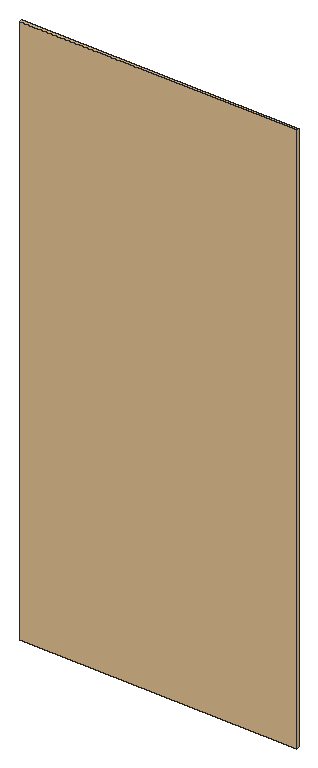
Revit family "Feature Blackbutt Veneer Chevron", category Generic Models, Revit 2017
Family settings
  Can host rebar = No
  Round Connector Dimension = Use Diameter
  Part Type = Normal
  Work Plane-Based = No
  Always vertical = Yes
  Cut with Voids When Loaded = No
  Shared = Yes
  Room Calculation Point = No
Parameters (values of type "2400 x 1200")
  Raw Finish Code = "EX24 FB-CHE"  # constant formula
  Material = none
  URL = "https://www.easycraft.com.au/products/253/expression-series"
  Panel_width = 1200 mm  # constant formula
  Panel_thickness = 10 mm  # constant formula
  Model = "Expression Series - Chevron"  # constant formula
  Manufacturer = "Easycraft Australia Pty Ltd ph 07 3906 7200"  # constant formula
  Panel_height = 2400 mm  # constant formula
  Description = "Feature Blackbutt Veneer"  # constant formula
  Clear Finish Code = "EX24 FB-CHE-CF"  # constant formula
  Assembly Code = ""
Reference planes
  plane 1 "Center (Front/Back)": y = 0
  plane 2: z = 0
  plane 3 "Center (Left/Right)": x = 0
  plane 4 "Panel face": y = -10
  plane 5: z = 2400
Forms (mm)
  Extrusion 1, solid, material "Feature Blackbutt Veneer"
    sketch origin (0, 0, 0) x (1, 0, 0) y (0, 1, 0)
      loop
        line (0, 0) -> (0, -10) -> (1200, -10) -> (1200, 0) -> (0, 0)
    from 0 to 2400
Lines and regions (mm)
  model lines, style "easycraft expressions pattern"
    curve 1: line (1050.456, -10, 0) -> (1050.456, -10, 2400)
    curve 2: line (748.908, -10, 0) -> (748.908, -10, 2400)
    curve 3: line (450.864, -10, 0) -> (450.864, -10, 2400)
    curve 4: line (149.317, -10, 0) -> (149.317, -10, 2400)
    curve 5: line (1200, -10, 58.221) -> (1141.551, -10, 0)
    curve 6: line (959.361, -10, 0) -> (899.799, -10, 59.562)
    curve 7: line (899.799, -10, 59.562) -> (840.003, -10, 0)
    curve 8: line (661.317, -10, 0) -> (601.755, -10, 59.562)
    curve 9: line (601.755, -10, 59.562) -> (538.689, -10, 0)
    curve 10: line (359.769, -10, 0) -> (300.207, -10, 59.562)
    curve 11: line (300.207, -10, 59.562) -> (240.645, -10, 0)
    curve 12: line (58.222, -10, 0) -> (0, -10, 58.222)
    curve 13: line (300.207, -10, 2400) -> (300.207, -10, 0)
    curve 14: line (601.755, -10, 2400) -> (601.755, -10, 0)
    curve 15: line (899.799, -10, 2400) -> (899.799, -10, 0)
    curve 16: line (0, -10, 198.368) -> (149.317, -10, 49.051)
    curve 17: line (149.317, -10, 49.051) -> (300.207, -10, 199.708)
    curve 18: line (300.207, -10, 199.708) -> (450.864, -10, 49.051)
    curve 19: line (450.864, -10, 49.051) -> (601.755, -10, 199.708)
    curve 20: line (601.755, -10, 199.708) -> (748.908, -10, 49.051)
    curve 21: line (748.908, -10, 49.051) -> (899.799, -10, 199.708)
    curve 22: line (899.799, -10, 199.708) -> (1050.456, -10, 49.051)
    curve 23: line (1050.456, -10, 49.051) -> (1200, -10, 198.364)
    curve 24: line (1200, -10, 338.741) -> (1050.456, -10, 189.197)
    curve 25: line (1050.456, -10, 189.197) -> (899.799, -10, 340.088)
    curve 26: line (899.799, -10, 340.088) -> (748.908, -10, 189.197)
    curve 27: line (748.908, -10, 189.197) -> (601.755, -10, 340.088)
    curve 28: line (601.755, -10, 340.088) -> (450.864, -10, 189.197)
    curve 29: line (450.864, -10, 189.197) -> (300.207, -10, 340.088)
    curve 30: line (300.207, -10, 340.088) -> (149.317, -10, 189.197)
    curve 31: line (149.317, -10, 189.197) -> (0, -10, 338.746)
    curve 32: line (0, -10, 478.894) -> (149.317, -10, 329.577)
    curve 33: line (149.317, -10, 329.577) -> (300.207, -10, 480.234)
    curve 34: line (300.207, -10, 480.234) -> (450.864, -10, 329.577)
    curve 35: line (450.864, -10, 329.577) -> (601.755, -10, 480.234)
    curve 36: line (601.755, -10, 480.234) -> (748.908, -10, 329.577)
    curve 37: line (748.908, -10, 329.577) -> (899.799, -10, 480.234)
    curve 38: line (899.799, -10, 480.234) -> (1050.456, -10, 329.577)
    curve 39: line (1050.456, -10, 329.577) -> (1200, -10, 478.89)
    curve 40: line (1200, -10, 619.036) -> (1050.456, -10, 469.723)
    curve 41: line (1050.456, -10, 469.723) -> (899.799, -10, 620.38)
    curve 42: line (899.799, -10, 620.38) -> (748.908, -10, 469.723)
    curve 43: line (748.908, -10, 469.723) -> (601.755, -10, 620.38)
    curve 44: line (601.755, -10, 620.38) -> (450.864, -10, 469.723)
    curve 45: line (450.864, -10, 469.723) -> (300.207, -10, 620.38)
    curve 46: line (300.207, -10, 620.38) -> (149.317, -10, 469.723)
    curve 47: line (149.317, -10, 469.723) -> (0, -10, 619.04)
    curve 48: line (0, -10, 759.417) -> (149.317, -10, 609.869)
    curve 49: line (149.317, -10, 609.869) -> (300.207, -10, 760.759)
    curve 50: line (300.207, -10, 760.759) -> (450.864, -10, 609.869)
    curve 51: line (450.864, -10, 609.869) -> (601.755, -10, 760.759)
    curve 52: line (601.755, -10, 760.759) -> (748.908, -10, 609.869)
    curve 53: line (748.908, -10, 609.869) -> (899.799, -10, 760.759)
    curve 54: line (899.799, -10, 760.759) -> (1050.456, -10, 609.869)
    curve 55: line (1050.456, -10, 609.869) -> (1200, -10, 759.413)
    curve 56: line (1200, -10, 899.561) -> (1050.456, -10, 750.248)
    curve 57: line (1050.456, -10, 750.248) -> (899.799, -10, 900.905)
    curve 58: line (899.799, -10, 900.905) -> (748.908, -10, 750.248)
    curve 59: line (748.908, -10, 750.248) -> (601.755, -10, 900.905)
    curve 60: line (601.755, -10, 900.905) -> (450.864, -10, 750.248)
    curve 61: line (450.864, -10, 750.248) -> (300.207, -10, 900.905)
    curve 62: line (300.207, -10, 900.905) -> (149.317, -10, 750.248)
    curve 63: line (149.317, -10, 750.248) -> (0, -10, 899.565)
    curve 64: line (0, -10, 1039.711) -> (149.317, -10, 890.394)
    curve 65: line (149.317, -10, 890.394) -> (300.207, -10, 1041.051)
    curve 66: line (300.207, -10, 1041.051) -> (450.864, -10, 890.394)
    curve 67: line (450.864, -10, 890.394) -> (601.755, -10, 1041.051)
    curve 68: line (601.755, -10, 1041.051) -> (748.908, -10, 890.394)
    curve 69: line (748.908, -10, 890.394) -> (899.799, -10, 1041.051)
    curve 70: line (899.799, -10, 1041.051) -> (1050.456, -10, 890.394)
    curve 71: line (1050.456, -10, 890.394) -> (1200, -10, 1039.707)
    curve 72: line (1200, -10, 1179.853) -> (1050.456, -10, 1030.54)
    curve 73: line (1050.456, -10, 1030.54) -> (899.799, -10, 1181.197)
    curve 74: line (899.799, -10, 1181.197) -> (748.908, -10, 1030.54)
    curve 75: line (748.908, -10, 1030.54) -> (601.755, -10, 1181.197)
    curve 76: line (601.755, -10, 1181.197) -> (450.864, -10, 1030.54)
    curve 77: line (450.864, -10, 1030.54) -> (300.207, -10, 1181.197)
    curve 78: line (300.207, -10, 1181.197) -> (149.317, -10, 1030.54)
    curve 79: line (149.317, -10, 1030.54) -> (0, -10, 1179.857)
    curve 80: line (0, -10, 1320.235) -> (149.317, -10, 1170.686)
    curve 81: line (149.317, -10, 1170.686) -> (300.207, -10, 1321.577)
    curve 82: line (300.207, -10, 1321.577) -> (450.864, -10, 1170.686)
    curve 83: line (450.864, -10, 1170.686) -> (601.755, -10, 1321.577)
    curve 84: line (601.755, -10, 1321.577) -> (748.908, -10, 1170.686)
    curve 85: line (748.908, -10, 1170.686) -> (899.799, -10, 1321.577)
    curve 86: line (899.799, -10, 1321.577) -> (1050.456, -10, 1170.686)
    curve 87: line (1050.456, -10, 1170.686) -> (1200, -10, 1320.231)
    curve 88: line (1200, -10, 1460.379) -> (1050.456, -10, 1311.066)
    curve 89: line (1050.456, -10, 1311.066) -> (899.799, -10, 1461.723)
    curve 90: line (899.799, -10, 1461.723) -> (748.908, -10, 1311.066)
    curve 91: line (748.908, -10, 1311.066) -> (601.755, -10, 1461.723)
    curve 92: line (601.755, -10, 1461.723) -> (450.864, -10, 1311.066)
    curve 93: line (450.864, -10, 1311.066) -> (300.207, -10, 1461.723)
    curve 94: line (300.207, -10, 1461.723) -> (149.317, -10, 1311.066)
    curve 95: line (149.317, -10, 1311.066) -> (0, -10, 1460.383)
    curve 96: line (0, -10, 1600.529) -> (149.317, -10, 1451.212)
    curve 97: line (149.317, -10, 1451.212) -> (300.207, -10, 1601.869)
    curve 98: line (300.207, -10, 1601.869) -> (450.864, -10, 1451.212)
    curve 99: line (450.864, -10, 1451.212) -> (601.755, -10, 1601.869)
    curve 100: line (601.755, -10, 1601.869) -> (748.908, -10, 1451.212)
    curve 101: line (748.908, -10, 1451.212) -> (899.799, -10, 1601.869)
    curve 102: line (899.799, -10, 1601.869) -> (1050.456, -10, 1451.212)
    curve 103: line (1050.456, -10, 1451.212) -> (1200, -10, 1600.525)
    curve 104: line (1200, -10, 1737.198) -> (1050.456, -10, 1591.358)
    curve 105: line (1050.456, -10, 1591.358) -> (899.799, -10, 1738.511)
    curve 106: line (899.799, -10, 1738.511) -> (748.908, -10, 1591.358)
    curve 107: line (748.908, -10, 1591.358) -> (601.755, -10, 1738.511)
    curve 108: line (601.755, -10, 1738.511) -> (450.864, -10, 1591.358)
    curve 109: line (450.864, -10, 1591.358) -> (300.207, -10, 1738.511)
    curve 110: line (300.207, -10, 1738.511) -> (149.317, -10, 1591.358)
    curve 111: line (149.317, -10, 1591.358) -> (0, -10, 1737.202)
    curve 112: line (0, -10, 1877.58) -> (149.317, -10, 1731.504)
    curve 113: line (149.317, -10, 1731.504) -> (300.207, -10, 1878.891)
    curve 114: line (300.207, -10, 1878.891) -> (450.864, -10, 1731.504)
    curve 115: line (450.864, -10, 1731.504) -> (601.755, -10, 1878.891)
    curve 116: line (601.755, -10, 1878.891) -> (748.908, -10, 1731.504)
    curve 117: line (748.908, -10, 1731.504) -> (899.799, -10, 1878.891)
    curve 118: line (899.799, -10, 1878.891) -> (1050.456, -10, 1731.504)
    curve 119: line (1050.456, -10, 1731.504) -> (1200, -10, 1877.576)
    curve 120: line (1200, -10, 2017.724) -> (1050.456, -10, 1871.883)
    curve 121: line (1050.456, -10, 1871.883) -> (899.799, -10, 2019.036)
    curve 122: line (899.799, -10, 2019.036) -> (748.908, -10, 1871.883)
    curve 123: line (748.908, -10, 1871.883) -> (601.755, -10, 2019.036)
    curve 124: line (601.755, -10, 2019.036) -> (450.864, -10, 1871.883)
    curve 125: line (450.864, -10, 1871.883) -> (300.207, -10, 2019.036)
    curve 126: line (300.207, -10, 2019.036) -> (149.317, -10, 1871.883)
    curve 127: line (149.317, -10, 1871.883) -> (0, -10, 2017.728)
    curve 128: line (0, -10, 2157.842) -> (149.317, -10, 2008.526)
    curve 129: line (149.317, -10, 2008.526) -> (300.207, -10, 2159.182)
    curve 130: line (300.207, -10, 2159.182) -> (450.864, -10, 2008.526)
    curve 131: line (450.864, -10, 2008.526) -> (601.755, -10, 2159.182)
    curve 132: line (601.755, -10, 2159.182) -> (748.908, -10, 2008.526)
    curve 133: line (748.908, -10, 2008.526) -> (899.799, -10, 2159.182)
    curve 134: line (899.799, -10, 2159.182) -> (1050.456, -10, 2008.526)
    curve 135: line (1050.456, -10, 2008.526) -> (1200, -10, 2157.838)
    curve 136: line (1200, -10, 2297.984) -> (1050.456, -10, 2148.672)
    curve 137: line (1050.456, -10, 2148.672) -> (899.799, -10, 2299.328)
    curve 138: line (899.799, -10, 2299.328) -> (748.908, -10, 2148.672)
    curve 139: line (748.908, -10, 2148.672) -> (601.755, -10, 2299.328)
    curve 140: line (601.755, -10, 2299.328) -> (450.864, -10, 2148.672)
    curve 141: line (450.864, -10, 2148.672) -> (300.207, -10, 2299.328)
    curve 142: line (300.207, -10, 2299.328) -> (149.317, -10, 2148.672)
    curve 143: line (149.317, -10, 2148.672) -> (0, -10, 2297.988)
    curve 144: line (38.307, -10, 2400) -> (149.317, -10, 2288.818)
    curve 145: line (149.317, -10, 2288.818) -> (260.499, -10, 2400)
    curve 146: line (339.854, -10, 2400) -> (450.864, -10, 2288.818)
    curve 147: line (450.864, -10, 2288.818) -> (562.047, -10, 2400)
    curve 148: line (640.479, -10, 2400) -> (748.908, -10, 2288.818)
    curve 149: line (748.908, -10, 2288.818) -> (860.091, -10, 2400)
    curve 150: line (939.445, -10, 2400) -> (1050.456, -10, 2288.818)
    curve 151: line (1050.456, -10, 2288.818) -> (1161.638, -10, 2400)
Dimensions and locks
  "Panel_height": plane 5 to plane 2
  "Panel_thickness": plane 4 "Panel face" to plane 1 "Center (Front/Back)"
  "Panel_width": Extrusion 1 to plane 3 "Center (Left/Right)"
  aligned and locked: level to plane 2
  aligned and locked: Extrusion 1 to level
  aligned and locked: plane 4 "Panel face" to Extrusion 1
  aligned and locked: Extrusion 1 to plane 5
Automatic sketch dimensions
  Extrusion 1 sketch curve to plane 3 "Center (Left/Right)" = 0 mm
  plane 4 "Panel face" to Extrusion 1 sketch curve = 0 mm
  plane 1 "Center (Front/Back)" to Extrusion 1 sketch curve = 0 mm
  Extrusion 1 sketch curve to Extrusion 1 sketch curve = 1200 mm
  curve 80 to plane 3 "Center (Left/Right)" = 0 mm
  curve 111 to plane 3 "Center (Left/Right)" = 0 mm
  curve 112 to plane 3 "Center (Left/Right)" = 0 mm
  curve 143 to plane 3 "Center (Left/Right)" = 0 mm
  curve 64 to plane 3 "Center (Left/Right)" = 0 mm
  curve 63 to plane 3 "Center (Left/Right)" = 0 mm
  curve 31 to plane 3 "Center (Left/Right)" = 0 mm
  curve 32 to plane 3 "Center (Left/Right)" = 0 mm
  curve 16 to plane 3 "Center (Left/Right)" = 0 mm
  curve 79 to plane 3 "Center (Left/Right)" = 0 mm
  curve 96 to plane 3 "Center (Left/Right)" = 0 mm
  curve 95 to plane 3 "Center (Left/Right)" = 0 mm
  curve 47 to plane 3 "Center (Left/Right)" = 0 mm
  curve 48 to plane 3 "Center (Left/Right)" = 0 mm
  curve 12 to plane 3 "Center (Left/Right)" = 0 mm
  curve 127 to plane 3 "Center (Left/Right)" = 0 mm
  curve 128 to plane 3 "Center (Left/Right)" = 0 mm
  curve 144 to plane 5 = 0 mm
  curve 12 to level = 0 mm
  curve 4 to plane 5 = 0 mm
  curve 4 to level = 0 mm
  curve 11 to level = 0 mm
  curve 145 to plane 5 = 0 mm
  curve 13 to level = 0 mm
  curve 13 to plane 5 = 0 mm
  curve 146 to plane 5 = 0 mm
  curve 10 to level = 0 mm
  curve 3 to plane 5 = 0 mm
  curve 3 to level = 0 mm
  curve 9 to level = 0 mm
  curve 147 to plane 5 = 0 mm
  curve 14 to plane 5 = 0 mm
  curve 14 to level = 0 mm
  curve 148 to plane 5 = 0 mm
  curve 8 to level = 0 mm
  curve 2 to plane 5 = 0 mm
  curve 2 to level = 0 mm
  curve 7 to level = 0 mm
  curve 149 to plane 5 = 0 mm
  curve 15 to plane 5 = 0 mm
  curve 15 to level = 0 mm
  curve 150 to plane 5 = 0 mm
  curve 6 to level = 0 mm
  curve 1 to level = 0 mm
  curve 1 to plane 5 = 0 mm
  curve 5 to level = 0 mm
  curve 151 to plane 5 = 0 mm
  plane 3 "Center (Left/Right)" to curve 127 = 149.317 mm
  plane 3 "Center (Left/Right)" to curve 29 = 300.207 mm
  plane 3 "Center (Left/Right)" to curve 83 = 450.864 mm
  curve 29 to curve 35 = 150.657 mm
  curve 82 to curve 77 = 0 mm
  plane 5 to curve 146 = 111.182 mm
  plane 3 "Center (Left/Right)" to curve 146 = 450.864 mm
  curve 76 to curve 67 = 0 mm
  curve 66 to curve 60 = 0 mm
  curve 76 to curve 67 = 150.891 mm
  plane 5 to curve 139 = 100.672 mm
  curve 146 to curve 139 = 150.891 mm
  curve 67 to curve 59 = 0 mm
  level to curve 20 = 199.708 mm
  curve 34 to curve 20 = 150.891 mm
  curve 139 to curve 124 = 0 mm
  curve 75 to curve 67 = 0 mm
  curve 27 to curve 19 = 0 mm
  curve 123 to curve 108 = 0 mm
  curve 35 to curve 27 = 0 mm
  curve 107 to curve 100 = 0 mm
  curve 43 to curve 35 = 0 mm
  curve 59 to curve 52 = 0 mm
  curve 51 to curve 59 = 147.153 mm
  curve 68 to curve 58 = 0 mm
  curve 75 to curve 84 = 147.153 mm
  curve 58 to curve 52 = 0 mm
  curve 123 to curve 133 = 147.153 mm
  curve 90 to curve 84 = 0 mm
  curve 52 to curve 43 = 0 mm
  curve 132 to curve 122 = 0 mm
  curve 74 to curve 68 = 0 mm
  curve 100 to curve 90 = 0 mm
  level to curve 26 = 189.197 mm
  curve 19 to curve 26 = 147.153 mm
  curve 122 to curve 105 = 150.891 mm
  plane 5 to curve 138 = 100.672 mm
  curve 139 to curve 138 = 298.044 mm
  curve 90 to curve 86 = 150.891 mm
  curve 89 to curve 85 = 0 mm
  level to curve 26 = 340.088 mm
  curve 42 to curve 26 = 150.891 mm
  curve 58 to curve 53 = 150.891 mm
  curve 74 to curve 69 = 150.891 mm
  curve 57 to curve 53 = 0 mm
  curve 74 to curve 69 = 0 mm
  curve 37 to curve 25 = 0 mm
  curve 42 to curve 37 = 0 mm
  plane 5 to curve 121 = 380.964 mm
  curve 132 to curve 121 = 150.891 mm
  curve 69 to curve 73 = 150.657 mm
  level to curve 39 = 329.577 mm
  curve 25 to curve 39 = 150.657 mm
  level to curve 40 = 469.723 mm
  curve 40 to curve 38 = 0 mm
  curve 72 to curve 71 = 0 mm  (x2)
  curve 105 to curve 119 = 150.657 mm
  curve 54 to curve 40 = 0 mm
  curve 89 to curve 102 = 150.657 mm
  curve 70 to curve 57 = 0 mm
  plane 5 to curve 136 = 251.328 mm
  curve 121 to curve 136 = 150.657 mm
  curve 102 to curve 89 = 0 mm
  curve 87 to curve 72 = 0 mm
  curve 19 to curve 34 = 129.869 mm
  curve 34 to curve 30 = 10.511 mm
  curve 19 to curve 27 = 140.38 mm
  curve 27 to curve 43 = 129.635 mm
  curve 25 to curve 38 = 140.146 mm
  curve 27 to curve 36 = 140.146 mm
  curve 42 to curve 53 = 140.146 mm
  curve 40 to curve 54 = 140.146 mm
  curve 37 to curve 42 = 140.146 mm
  curve 35 to curve 43 = 140.146 mm
  curve 43 to curve 61 = 129.869 mm
  curve 52 to curve 59 = 140.38 mm
  curve 54 to curve 57 = 140.38 mm
  curve 41 to curve 54 = 140.38 mm
  curve 43 to curve 51 = 140.38 mm
  curve 60 to curve 67 = 140.146 mm
  curve 56 to curve 71 = 140.146 mm  (x2)
  curve 58 to curve 69 = 140.146 mm
  curve 53 to curve 57 = 140.146 mm
  curve 51 to curve 59 = 140.146 mm
  curve 70 to curve 72 = 140.146 mm
  curve 66 to curve 77 = 140.146 mm
  curve 68 to curve 74 = 140.146 mm
  curve 57 to curve 70 = 140.146 mm
  curve 59 to curve 67 = 140.146 mm
  curve 74 to curve 85 = 140.146 mm
  curve 76 to curve 83 = 140.146 mm
  curve 72 to curve 86 = 140.146 mm
  curve 69 to curve 73 = 140.146 mm
  curve 67 to curve 76 = 140.146 mm
  curve 86 to curve 89 = 140.38 mm
  curve 84 to curve 90 = 140.38 mm
  curve 73 to curve 86 = 140.38 mm
  curve 88 to curve 103 = 140.146 mm  (x2)
  curve 90 to curve 101 = 140.146 mm
  curve 85 to curve 89 = 140.146 mm
  curve 100 to curve 99 = 150.657 mm
  curve 102 to curve 119 = 280.292 mm
  curve 118 to curve 105 = 7.007 mm
  curve 99 to curve 107 = 136.642 mm
  curve 107 to curve 127 = 133.372 mm
  curve 107 to curve 123 = 133.372 mm
  curve 122 to curve 133 = 136.642 mm
  curve 132 to curve 123 = 10.511 mm
  plane 3 "Center (Left/Right)" to curve 144 = 38.307 mm
  plane 3 "Center (Left/Right)" to curve 12 = 58.222 mm
  plane 3 "Center (Left/Right)" to curve 94 = 149.317 mm
  curve 4 to curve 11 = 91.328 mm
  curve 4 to curve 145 = 111.182 mm
  curve 126 to curve 113 = 150.891 mm
  curve 13 to curve 146 = 39.647 mm
  curve 13 to curve 10 = 59.562 mm  (x2)
  curve 92 to curve 82 = 0 mm
  curve 3 to curve 9 = 87.825 mm
  curve 147 to curve 139 = 39.708 mm
  plane 5 to curve 132 = 240.818 mm
  curve 132 to curve 123 = 0 mm
  curve 14 to curve 148 = 38.725 mm
  curve 14 to curve 8 = 59.562 mm  (x2)
  plane 5 to curve 139 = 251.328 mm
  curve 139 to curve 132 = 0 mm
  curve 2 to curve 7 = 91.095 mm
  curve 149 to curve 137 = 39.708 mm
  plane 5 to curve 134 = 240.818 mm
  curve 134 to curve 121 = 0 mm
  curve 15 to curve 150 = 39.647 mm
  curve 15 to curve 6 = 59.562 mm
  curve 121 to curve 118 = 0 mm
  curve 1 to curve 5 = 91.095 mm
  curve 1 to curve 151 = 111.182 mm
  plane 5 to curve 120 = 382.276 mm
  curve 134 to curve 120 = 149.544 mm
  plane 5 to curve 119 = 522.424 mm
  curve 120 to curve 119 = 0 mm
  curve 119 to curve 104 = 0 mm
  curve 104 to curve 103 = 0 mm
  curve 103 to curve 88 = 0 mm
  curve 88 to curve 87 = 0 mm
  plane 5 to curve 135 = 242.162 mm
  curve 135 to curve 120 = 0 mm
  curve 72 to curve 71 = 149.544 mm
  curve 71 to curve 56 = 0 mm
  curve 56 to curve 55 = 0 mm
  curve 55 to curve 40 = 0 mm
  level to curve 39 = 478.89 mm
  curve 40 to curve 39 = 0 mm
  level to curve 24 = 338.741 mm
  curve 39 to curve 24 = 0 mm
  level to curve 23 = 198.364 mm
  curve 24 to curve 23 = 0 mm
  level to curve 5 = 58.221 mm
  curve 5 to curve 5 = 58.449 mm
  plane 5 to curve 136 = 102.016 mm
  curve 151 to curve 136 = 38.362 mm
  curve 3 to curve 18 = 49.051 mm
  level to curve 17 = 49.051 mm
  curve 19 to curve 18 = 0 mm
  curve 2 to curve 20 = 49.051 mm
  curve 21 to curve 20 = 0 mm
  level to curve 22 = 49.051 mm
  curve 16 to curve 17 = 0 mm
  curve 23 to curve 22 = 0 mm
  level to curve 12 = 58.222 mm
  level to curve 6 = 59.562 mm
  curve 7 to curve 6 = 0 mm
  curve 9 to curve 8 = 0 mm
  curve 11 to curve 10 = 0 mm
  curve 18 to curve 28 = 140.146 mm
  curve 29 to curve 28 = 0 mm
  curve 17 to curve 30 = 140.146 mm
  curve 31 to curve 30 = 0 mm
  curve 22 to curve 25 = 140.146 mm
  curve 24 to curve 25 = 0 mm
  curve 12 to curve 16 = 140.146 mm
  curve 6 to curve 21 = 140.146 mm
  curve 22 to curve 21 = 0 mm
  curve 10 to curve 17 = 140.146 mm
  curve 18 to curve 17 = 0 mm
  curve 30 to curve 33 = 140.38 mm
  curve 36 to curve 42 = 140.146 mm
  curve 37 to curve 36 = 0 mm
  curve 32 to curve 33 = 0 mm
  curve 16 to curve 31 = 140.377 mm
  curve 34 to curve 45 = 140.146 mm
  curve 33 to curve 46 = 140.146 mm  (x2)
  curve 47 to curve 46 = 0 mm
  curve 44 to curve 45 = 0 mm
  curve 31 to curve 32 = 140.148 mm
  curve 29 to curve 33 = 140.146 mm
  curve 34 to curve 33 = 0 mm
  curve 46 to curve 49 = 140.146 mm
  curve 44 to curve 50 = 140.146 mm
  curve 51 to curve 50 = 0 mm
  curve 48 to curve 49 = 0 mm
  curve 39 to curve 40 = 140.146 mm
  curve 32 to curve 47 = 140.146 mm
  curve 45 to curve 46 = 0 mm
  curve 49 to curve 63 = 140.38 mm
  curve 62 to curve 63 = 0 mm
  curve 40 to curve 55 = 140.377 mm
  curve 47 to curve 48 = 140.377 mm
  curve 46 to curve 50 = 140.38 mm
  curve 49 to curve 50 = 0 mm
  curve 63 to curve 65 = 140.146 mm
  curve 64 to curve 65 = 0 mm
  curve 55 to curve 56 = 140.148 mm
  curve 48 to curve 63 = 140.148 mm
  curve 49 to curve 61 = 140.146 mm
  curve 62 to curve 61 = 0 mm
  curve 64 to curve 78 = 140.146 mm
  curve 79 to curve 78 = 0 mm
  curve 63 to curve 64 = 140.146 mm
  curve 61 to curve 66 = 140.146 mm
  curve 65 to curve 66 = 0 mm
  curve 78 to curve 81 = 140.146 mm
  curve 80 to curve 81 = 0 mm
  curve 71 to curve 72 = 140.146 mm
  curve 64 to curve 79 = 140.146 mm
  curve 66 to curve 78 = 140.146 mm
  curve 77 to curve 78 = 0 mm
  curve 82 to curve 93 = 140.38 mm
  curve 80 to curve 94 = 140.38 mm
  curve 95 to curve 94 = 0 mm
  curve 92 to curve 93 = 0 mm
  curve 72 to curve 87 = 140.377 mm
  curve 79 to curve 80 = 140.377 mm
  curve 78 to curve 82 = 140.38 mm
  curve 81 to curve 82 = 0 mm
  curve 75 to curve 83 = 140.38 mm
  curve 84 to curve 83 = 0 mm
  curve 93 to curve 99 = 140.146 mm
  curve 98 to curve 99 = 0 mm
  curve 94 to curve 97 = 140.146 mm
  curve 96 to curve 97 = 0 mm
  curve 87 to curve 88 = 140.148 mm
  curve 80 to curve 95 = 140.148 mm
  curve 82 to curve 94 = 140.146 mm
  curve 91 to curve 99 = 140.146 mm
  curve 92 to curve 91 = 0 mm
  curve 93 to curve 94 = 0 mm
  curve 100 to curve 106 = 140.146 mm
  curve 102 to curve 104 = 140.146 mm
  curve 107 to curve 106 = 0 mm
  curve 97 to curve 110 = 140.146 mm
  curve 105 to curve 104 = 0 mm
  curve 98 to curve 108 = 140.146 mm
  curve 109 to curve 108 = 0 mm
  curve 111 to curve 110 = 0 mm
  curve 95 to curve 96 = 140.146 mm
  curve 102 to curve 105 = 136.642 mm
  curve 93 to curve 97 = 140.146 mm
  curve 101 to curve 102 = 0 mm
  curve 98 to curve 97 = 0 mm
  curve 109 to curve 114 = 140.146 mm
  curve 115 to curve 114 = 0 mm
  curve 107 to curve 117 = 140.146 mm
  curve 116 to curve 117 = 0 mm
  curve 110 to curve 113 = 140.146 mm
  curve 112 to curve 113 = 0 mm
  curve 103 to curve 104 = 136.674 mm
  curve 96 to curve 111 = 136.673 mm
  curve 97 to curve 110 = 136.642 mm
  curve 109 to curve 110 = 0 mm
  curve 114 to curve 124 = 140.38 mm
  curve 125 to curve 124 = 0 mm
  curve 118 to curve 120 = 140.38 mm
  curve 121 to curve 120 = 0 mm
  curve 111 to curve 112 = 140.377 mm
  curve 117 to curve 121 = 140.146 mm
  curve 118 to curve 117 = 0 mm
  curve 109 to curve 113 = 140.38 mm
  curve 115 to curve 123 = 140.146 mm
  curve 116 to curve 115 = 0 mm
  curve 114 to curve 113 = 0 mm
  curve 126 to curve 128 = 136.642 mm
  curve 120 to curve 135 = 136.642 mm
  curve 125 to curve 130 = 136.642 mm
  curve 131 to curve 130 = 0 mm
  curve 129 to curve 128 = 0 mm
  curve 134 to curve 135 = 0 mm
  curve 112 to curve 127 = 140.148 mm
  curve 113 to curve 126 = 140.146 mm
  curve 125 to curve 126 = 0 mm
  curve 131 to curve 140 = 140.146 mm
  curve 141 to curve 140 = 0 mm
  curve 138 to curve 139 = 0 mm
  curve 129 to curve 142 = 140.146 mm
  curve 143 to curve 142 = 0 mm
  curve 127 to curve 128 = 140.115 mm
  curve 126 to curve 129 = 140.146 mm
  curve 133 to curve 134 = 0 mm
  curve 130 to curve 129 = 0 mm
  curve 131 to curve 132 = 0 mm
  curve 150 to curve 1 = 111.182 mm
  curve 149 to curve 2 = 111.182 mm
  curve 148 to curve 149 = 0 mm
  curve 145 to curve 4 = 111.182 mm
  curve 144 to curve 145 = 0 mm
  curve 151 to curve 150 = 0 mm
  plane 5 to curve 143 = 102.012 mm
  curve 142 to curve 13 = 100.672 mm
  curve 141 to curve 142 = 0 mm
